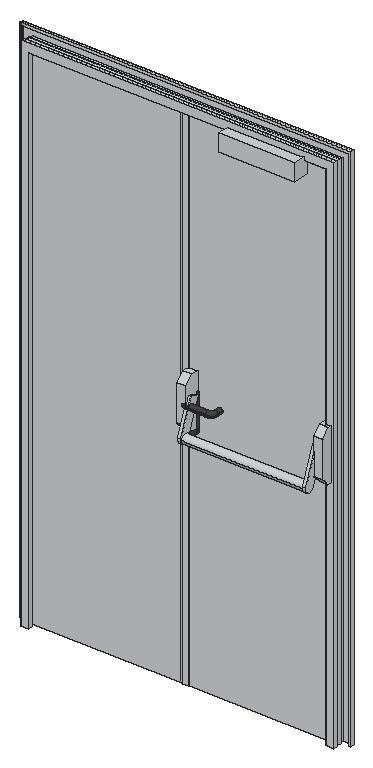
Revit family "Gamme MetalFeu 2V - Applique", category Portes, Revit 2020
Family settings
  Basée sur le plan de construction = Non
  Toujours verticalement = Oui
  Couper avec des vides une fois chargée = Non
  Partagée = Non
  Point de calcul de pièce = Non
Parameters (values of type "MetalFeu 2V - 1300x2150")
  Largeur Réservation = 1300 mm
  Hauteur Réservation = 2150 mm
  FP DC340 Bras - OP [instance] = yes
  Elévation par défaut = 0 mm
  Définir les propriétés thermiques par = Type schématique
  Construction analytique = "<Aucun>"
  Béquille P1F - OP [instance] = yes
  Béquille P1F - CP [instance] = yes
  Barre Antipanique CROSS [instance] = yes
Reference planes
  plane 1 "Centre (avant/arrière)": y = 0
  plane 2: z = 0
  plane 3 "Centre (gauche/droite)": x = 0
  plane 4: x = -650
  plane 5: x = 650
  plane 6 "Hauteur Réservation": z = 2150
  plane 7 "Hauteur Vantail": z = 2120
  plane 8 "Niveau Bas du Vantail": z = 10
  plane 9 "Hauteur Aile de recouvrement": z = 2120
  plane 10 "Hauteur béquille": z = 1069
  plane 11 "Niveau Bas Paumelle du bas": z = 42
  plane 12 "Niveau Bas Paumelle du milieu": z = 991
  plane 13 "Niveau Bas paumelle du Haut": z = 1909
  plane 14 "Niveau haut surépaisseur EI120": z = 2066
  plane 15 "Niv haut aile de recouvrement": z = 2086
Forms (mm)
  Sweep 1, solid
    path origin (0, 0, 0) x (1, 0, 0) y (0, 0, 1)
      loop
        line (-650, 0) -> (-650, 2150) -> (650, 2150) -> (650, 0)
    profile origin (-650, 0, 1075) x (-1, 0, 0) y (0, -1, 0)
      loop
        line (14.846, 26.262) -> (23.846, 26.262) -> (23.846, 15.262) -> (-17.154, 15.262) -> (-17.154, 28.262) -> (-14.154, 31.262) -> (-14.154, 53.262) -> (-10.154, 56.262) -> (-10.154, 69.262) -> (-44.154, 69.262) -> (-44.154, 56.262) -> (-34.154, 56.262) -> (-34.154, 57.262) -> (-43.154, 57.262) -> (-43.154, 68.262) -> (-11.154, 68.262) -> (-11.154, 56.833) -> (-15.154, 53.833) -> (-15.154, 31.893) -> (-18.154, 28.893) -> (-18.154, 14.262) -> (24.846, 14.262) -> (24.846, 27.262) -> (14.846, 27.262) -> (14.846, 26.262)
  Extrusion 2, solid
    sketch origin (432.397, -0.165, 0) x (1, 0, 0) y (0, 1, 0)
      loop
        line (-1082.397, 0) -> (-1082.397, -14) -> (-1081.397, -14) -> (-1081.397, -1) -> (-1058.397, -1) -> (-1058.397, -53) -> (-434.429, -53) -> (-418.3, -56.5) -> (-396.416, -56.5) -> (-396.416, -53.803) -> (-418.3, -53.803) -> (-424.116, -52.541) -> (-424.116, -6) -> (-435, -6) -> (-435, -7) -> (-425.116, -7) -> (-425.116, -16) -> (-450.116, -16) -> (-450.116, 0) -> (-1082.397, 0)
    from 10 to 2120
  Extrusion 3, solid
    sketch origin (21.477, -0.09, 0) x (-1, 0, 0) y (0, -1, 0)
      loop
        line (-628.523, 0) -> (25.726, 0) -> (25.726, 14) -> (24.726, 14) -> (24.726, 1) -> (2.726, 1) -> (2.726, 53) -> (-605.523, 53) -> (-605.523, 1) -> (-627.523, 1) -> (-627.523, 14) -> (-628.523, 14) -> (-628.523, 0)
    from 10 to 2120
  Extrusion 4, solid
    sketch origin (0, 0, 2086) x (1, 0, 0) y (0, 1, 0)
      loop
        line (-15, -1.506) -> (-15, 0) -> (0, 0) -> (0, 3.494) -> (-40, 3.494) -> (-40, -1.506) -> (-15, -1.506)
    from 0 to 22.26
Cuts and joins
  joined: Extrusion 3, Extrusion 4
Dimensions and locks
  equal spacing: plane 4, plane 3 "Centre (gauche/droite)", plane 5
  "Largeur Réservation": plane 4 to plane 5
  "Hauteur Réservation": plane 6 "Hauteur Réservation" to level
  locked: plane 8 "Niveau Bas du Vantail" to level at 10
  plane 6 "Hauteur Réservation" to plane 7 "Hauteur Vantail" = 30 mm
  locked: plane 6 "Hauteur Réservation" to plane 9 "Hauteur Aile de recouvrement" at 30
  locked: plane 10 "Hauteur béquille" to level at 1069
  locked: plane 11 "Niveau Bas Paumelle du bas" to level at 42
  locked: plane 12 "Niveau Bas Paumelle du milieu" to level at 991
  locked: plane 13 "Niveau Bas paumelle du Haut" to level at 1909
  locked: nested 1 to plane 10 "Hauteur béquille" at 104
  locked: nested 2 to plane 6 "Hauteur Réservation" at 33.222
  locked: plane 14 "Niveau haut surépaisseur EI120" to plane 6 "Hauteur Réservation" at 84
  locked: plane 15 "Niv haut aile de recouvrement" to plane 6 "Hauteur Réservation" at 64
  locked: cut or joined group of Extrusion 3, Extrusion 4 to cut or joined group of Extrusion 3, Extrusion 4 at 53
  cut or joined group of Extrusion 3, Extrusion 4 to cut or joined group of Extrusion 3, Extrusion 4 to cut or joined group of Extrusion 3, Extrusion 4 = 22 mm locked, 1 mm locked
  cut or joined group of Extrusion 3, Extrusion 4 to cut or joined group of Extrusion 3, Extrusion 4 to cut or joined group of Extrusion 3, Extrusion 4 = 1 mm locked, 22 mm locked
  Extrusion 2 sketch curve to Extrusion 2 sketch curve to Extrusion 2 sketch curve = 1 mm locked, 23 mm locked
  Extrusion 2 sketch curve to Extrusion 2 sketch curve to Extrusion 2 sketch curve = 25 mm locked, 1 mm locked
  locked: Extrusion 2 sketch curve to Extrusion 2 sketch curve at 27.7
  locked: Extrusion 2 to plane 3 "Centre (gauche/droite)" at 17.719
  locked: plane 3 "Centre (gauche/droite)" to cut or joined group of Extrusion 3, Extrusion 4 at 18.751
  locked: nested 2 to plane 5 at 135
  locked: Sweep 1 sketch curve to profile plane at 24.846
  locked: Sweep 1 sketch curve to profile plane at 14.262
  locked: cut or joined group of Extrusion 3, Extrusion 4 to Sweep 1 at 24.846
  locked: Sweep 1 to Extrusion 2 at 24.846
  locked: plane 3 "Centre (gauche/droite)" to nested 1 at 34.398
  aligned and locked: level to plane 2
  aligned and locked: plane 4 to Sweep 1 sketch curve
  aligned and locked: Sweep 1 sketch curve to plane 6 "Hauteur Réservation"
  aligned and locked: Sweep 1 sketch curve to plane 5
  aligned and locked: level to Sweep 1 sketch curve  (x2)
  aligned and locked: Extrusion 2 to plane 8 "Niveau Bas du Vantail"
  aligned and locked: plane 7 "Hauteur Vantail" to Extrusion 2
  aligned and locked: plane 7 "Hauteur Vantail" to cut or joined group of Extrusion 3, Extrusion 4
  aligned and locked: Extrusion 2 to plane 4
Automatic sketch dimensions
  plane 1 "Centre (avant/arrière)" to Extrusion 4 sketch curve = 0 mm
  Extrusion 4 sketch curve to plane 3 "Centre (gauche/droite)" = 0 mm
  Extrusion 4 sketch curve to plane 1 "Centre (avant/arrière)" = 3.494 mm
  Extrusion 4 sketch curve to Extrusion 4 sketch curve = 40 mm
  plane 1 "Centre (avant/arrière)" to Extrusion 4 sketch curve = 1.506 mm
  Extrusion 4 sketch curve to Extrusion 4 sketch curve = 15 mm
  plane 1 "Centre (avant/arrière)" to Extrusion 2 sketch curve = 0.165 mm
  plane 4 to Extrusion 2 sketch curve = 0 mm
  Extrusion 2 sketch curve to Extrusion 2 sketch curve = 608.281 mm
  plane 1 "Centre (avant/arrière)" to Extrusion 2 sketch curve = 7.165 mm
  Extrusion 2 sketch curve to Extrusion 2 sketch curve = 15.687 mm
  Extrusion 2 sketch curve to Extrusion 2 sketch curve = 9.884 mm
  Extrusion 2 sketch curve to Extrusion 2 sketch curve = 5.816 mm
  plane 1 "Centre (avant/arrière)" to Extrusion 2 sketch curve = 53.968 mm
  Extrusion 2 sketch curve to Extrusion 2 sketch curve = 0 mm
  Extrusion 2 sketch curve to Extrusion 2 sketch curve = 2.697 mm
  Extrusion 2 sketch curve to Extrusion 2 sketch curve = 0.803 mm
  Extrusion 2 sketch curve to Extrusion 2 sketch curve = 1.262 mm
  Extrusion 2 sketch curve to Extrusion 2 sketch curve = 9 mm
  Extrusion 2 sketch curve to Extrusion 2 sketch curve = 1 mm
  plane 1 "Centre (avant/arrière)" to Extrusion 2 sketch curve = 1.165 mm
  Extrusion 2 sketch curve to Extrusion 2 sketch curve = 13 mm
  Extrusion 3 sketch curve to plane 1 "Centre (avant/arrière)" = 0.09 mm
  plane 5 to Extrusion 3 sketch curve = 0 mm
  Extrusion 3 sketch curve to Extrusion 3 sketch curve = 1 mm  (x2)
  Extrusion 3 sketch curve to plane 1 "Centre (avant/arrière)" = 1.09 mm  (x2)
  Extrusion 3 sketch curve to Extrusion 3 sketch curve = 22 mm  (x2)
  Extrusion 3 sketch curve to plane 3 "Centre (gauche/droite)" = 18.751 mm
  Extrusion 3 sketch curve to Extrusion 3 sketch curve = 13 mm
  Extrusion 3 sketch curve to plane 1 "Centre (avant/arrière)" = 14.09 mm
  Extrusion 3 sketch curve to Extrusion 3 sketch curve = 39 mm
  Sweep 1 sketch curve to Sweep 1 sketch curve = 1 mm  (x9)
  Sweep 1 sketch curve to Sweep 1 sketch curve = 9 mm  (x2)
  profile plane to Sweep 1 sketch curve = 10.154 mm
  Sweep 1 sketch curve to Sweep 1 sketch curve = 3 mm  (x4)
  Sweep 1 sketch curve to Sweep 1 sketch curve = 19 mm
  Sweep 1 sketch curve to Sweep 1 sketch curve = 11 mm  (x2)
  Sweep 1 sketch curve to Sweep 1 sketch curve = 13 mm
  Sweep 1 sketch curve to Sweep 1 sketch curve = 0.631 mm  (x2)
  Sweep 1 sketch curve to Sweep 1 sketch curve = 21.369 mm
  Sweep 1 sketch curve to Sweep 1 sketch curve = 0.571 mm  (x2)
  Sweep 1 sketch curve to Sweep 1 sketch curve = 2.429 mm
Nested families
  nested 1: "Barre antipanique CROSS-bis" at (52.398, -53, 965), visible <- "Barre Antipanique CROSS", type "Barre antipanique CROSS-bis"
    with Longueur Tube/Barre 500 mm, Longeur tube 500 mm, Lg entre manoeuvre 400 mm, Lg Tube 400 mm
  nested 2: "Ferme-porte DC340 - Montage Opposé Paumelles" at (515, -53, 2047.778), visible <- "FP DC340 Bras - OP", type "Ferme-porte DC340 - Montage Opposé Paumelles"
  nested 3: "Poignée fixe Inox" at (50, -0.106, 1023) x (-1, 0, 0) z (0, 0, 1), visible <- "Béquille P1F - CP", type "Poignée fixe Inox"
  nested 4: "Béquille Nylon Premium" at (52.398, -53, 1023) x (-1, 0, 0) z (0, 0, 1), visible <- "Béquille P1F - OP", type "Béquille Nylon Premium"
    with Nylon noir Materiel Béquille Standard
Definition of nested family "Barre antipanique CROSS-bis"
  Parameters (values of type "Barre antipanique CROSS-bis")
    Longueur barre = Largeur entre manoeuvre - 20 mm  # 680 mm
    Longueur Tube/Barre [instance] = 800 mm
    Longeur tube [instance] = 680 mm
    Lg entre manoeuvre [instance] = 680 mm
    Lg Tube [instance] = Lg entre manoeuvre  # 680 mm
    Largeur entre manoeuvre = 700 mm
    Default Elevation = 0 mm
  Reference planes
    plane 1 "Centre (avant/arrière)": y = 0
    plane 2: z = 0
    plane 3 "Centre (gauche/droite)": x = 0
    plane 4 "Plan manoeuvre BAP": x = -18
    plane 5 "Plan Bras Manoeuvre": x = 18
    plane 6 "Plan Barre BAP": x = 28
  Forms (mm)
    Extrusion 1, solid
      sketch origin (-18, 0, 0) x (0, 1, 0) y (0, 0, 1)
        loop
          line (0, 0) -> (30, 0) -> (60, 30) -> (60, 178) -> (30, 208) -> (0, 208) -> (0, 0)
      from 0 to 36
    Extrusion 2, solid
      sketch origin (-18, 0, 0) x (0, 1, 0) y (0, 0, 1)
        loop
          line (0, 0) -> (30, 0) -> (60, 30) -> (60, 178) -> (30, 208) -> (0, 208) -> (0, 0)
      from 736 to 772.294
    Extrusion 3, solid
      sketch origin (18, 0, 0) x (0, -1, 0) y (0, 0, 1)
        loop
          arc (-99.794, 6.84) -> (-87.84, -18.794) -> (-62.206, -6.84) r 20
          line (-62.206, -6.84) -> (-12.613, 129.415) -> (-50.201, 143.096) -> (-99.794, 6.84)
      from 0 to -10
    Extrusion 4, solid
      sketch origin (708, 0, 0) x (0, 1, 0) y (0, 0, 1)
        loop
          line (12.613, 129.415) -> (62.206, -6.84)
          arc (62.206, -6.84) -> (87.84, -18.794) -> (99.794, 6.84) r 20
          line (99.794, 6.84) -> (50.201, 143.096) -> (12.613, 129.415)
      from 0 to 10
    Sweep 5, solid
      path origin (0, 0, 0) x (1, 0, 0) y (0, 1, 0)
        loop
          line (28, 81) -> (708, 81)
      profile origin (368, 81, 0) x (0, 1, 0) y (0, 0, 1)
        loop
          circle (0, 0) r 17.5
  Dimensions and locks
    locked: Extrusion 1 sketch curve to Extrusion 1 sketch curve at 60
    locked: Extrusion 1 sketch curve to Extrusion 1 sketch curve at 208
    plane 1 "Centre (avant/arrière)" to Extrusion 1 sketch curve = 0 mm
    locked: Extrusion 1 sketch curve to Extrusion 1 sketch curve at 30  (x2)
    locked: plane 4 "Plan manoeuvre BAP" to plane 3 "Centre (gauche/droite)" at 18
    locked: Extrusion 2 sketch curve to Extrusion 1 at 30
    locked: Extrusion 1 to Extrusion 2 sketch curve at 30
    Extrusion 1 to Extrusion 2 sketch curve = 30 mm
    locked: Extrusion 2 to Extrusion 2 at 36.294
    locked: plane 4 "Plan manoeuvre BAP" to plane 5 "Plan Bras Manoeuvre" at 36
    plane 1 "Centre (avant/arrière)" to Extrusion 3 sketch curve = 81 mm
    Extrusion 3 sketch curve to Extrusion 2 = 0 mm
    locked: Extrusion 3 sketch curve to Extrusion 3 sketch curve at 165
    locked: Extrusion 3 sketch curve to Extrusion 3 sketch curve at 40
    plane 1 "Centre (avant/arrière)" to Extrusion 4 sketch curve = 81 mm
    level to Extrusion 4 sketch curve = 0 mm
    locked: plane 5 "Plan Bras Manoeuvre" to plane 6 "Plan Barre BAP" at 10
    "Longeur tube": Sweep 5 sketch curve to Sweep 5 sketch curve
    plane 1 "Centre (avant/arrière)" to Sweep 5 sketch curve = 81 mm
    locked: Sweep 5 sketch curve to level
    locked: plane 1 "Centre (avant/arrière)" to Sweep 5 sketch curve at 81
    locked: Extrusion 1 to Extrusion 3
    locked: Extrusion 4 to Extrusion 2 at 10
    locked: Extrusion 1 to Extrusion 3 at 10
    locked: Sweep 5 to Extrusion 3
    Sweep 5 sketch curve to plane 6 "Plan Barre BAP" = 0 mm
    locked: Extrusion 1 to Extrusion 1 at 36
    locked: Extrusion 1 to plane 4 "Plan manoeuvre BAP"
    locked: plane 6 "Plan Barre BAP" to Sweep 5
    "Longeur tube": Extrusion 3 to Extrusion 4
    locked: Extrusion 4 to Extrusion 2
    locked: Extrusion 4 to Sweep 5
    aligned and locked: level to plane 2
  Automatic sketch dimensions
    Extrusion 1 sketch curve to level = 0 mm
    level to Extrusion 1 sketch curve = 30 mm
    Extrusion 1 sketch curve to Extrusion 1 sketch curve = 30 mm
    Extrusion 2 sketch curve to level = 0 mm
    Extrusion 2 sketch curve to plane 1 "Centre (avant/arrière)" = 0 mm
    Extrusion 2 sketch curve to Extrusion 2 sketch curve = 30 mm  (x3)
    Extrusion 3 sketch curve to plane 1 "Centre (avant/arrière)" = 12.613 mm
    level to Extrusion 3 sketch curve = 6.84 mm
    Extrusion 3 sketch curve to level = 6.84 mm
    Extrusion 4 sketch curve to plane 1 "Centre (avant/arrière)" = 12.613 mm
    Extrusion 4 sketch curve to Extrusion 4 sketch curve = 13.681 mm
    Extrusion 4 sketch curve to level = 6.84 mm
    level to Extrusion 4 sketch curve = 6.84 mm
    radius of Extrusion 4 sketch curve = 20 mm
    radius of Sweep 5 sketch curve = 17.5 mm
Definition of nested family "Ferme-porte DC340 - Montage Opposé Paumelles"
  Parameters
    Default Elevation = 0 mm
  Reference planes
    plane 1 "Centre (avant/arrière)": y = 0
    plane 2: z = 0
    plane 3 "Centre (gauche/droite)": x = 0
    plane 4 "Niveau Haut du corps": z = 69
    plane 5 "Niveau bas du rail": z = 82
  Forms (mm)
    Extrusion 1, solid
      sketch origin (0, 0, 0) x (1, 0, 0) y (0, 1, 0)
        loop
          line (0, -63) -> (0, 0) -> (-308, 0) -> (-308, -63) -> (0, -63)
      from 0 to 69
  Dimensions and locks
    locked: Extrusion 1 sketch curve to Extrusion 1 sketch curve at 308
    locked: Extrusion 1 sketch curve to Extrusion 1 sketch curve at 63
    locked: plane 4 "Niveau Haut du corps" to plane 2 at 69
    locked: plane 5 "Niveau bas du rail" to level at 82
    locked: Extrusion 1 sketch curve to plane 1 "Centre (avant/arrière)"
    aligned and locked: level to plane 2
    aligned and locked: Extrusion 1 sketch curve to plane 3 "Centre (gauche/droite)"
Definition of nested family "Poignée fixe Inox"
  Parameters
    Default Elevation = 0 mm
  Reference planes
    plane 1 "Centre (avant/arrière)": y = 0
    plane 2: z = 0
    plane 3 "Centre (gauche/droite)": x = 0
  Forms (mm)
    Extrusion 1, solid
      sketch origin (0, 0, 0) x (1, 0, 0) y (0, 0, 1)
        loop
          line (-22.5, 86.5) -> (-22.5, -86.5)
          arc (-22.5, -86.5) -> (0, -109) -> (22.5, -86.5) r 22.5
          line (22.5, -86.5) -> (22.5, 86.5)
          arc (22.5, 86.5) -> (0, 109) -> (-22.5, 86.5) r 22.5
      from 0 to 9
    Extrusion 2, solid
      sketch origin (0, 0, 0) x (1, 0, 0) y (0, 0, 1)
        loop
          circle (0, 34) r 10
      from 9 to 38
    Extrusion 3, solid
      sketch origin (0, 0, 0) x (1, 0, 0) y (0, 0, 1)
        loop
          circle (0, 34) r 25
      from 38 to 55
    Extrusion 4, void
      sketch origin (0, 0, 0) x (1, 0, 0) y (0, 0, 1)
        loop
          arc (-5, -57) -> (0, -62) -> (5, -57) r 5
          line (5, -57) -> (5, -45.483)
          arc (5, -45.483) -> (0, -29) -> (-5, -45.483) r 9
          line (-5, -45.483) -> (-5, -57)
      from 0 to 17
  Cuts and joins
    Extrusion 4 cuts Extrusion 1
  Dimensions and locks
    locked: Extrusion 1 sketch curve to Extrusion 1 sketch curve at 173  (x2)
    Extrusion 1 sketch curve to plane 3 "Centre (gauche/droite)" = 22.5 mm  (x2)
    Extrusion 1 sketch curve to level = 86.5 mm  (x2)
    Extrusion 2 sketch curve to level = 34 mm
    Extrusion 3 sketch curve to level = 34 mm
    plane 3 "Centre (gauche/droite)" to Extrusion 3 sketch curve = 0 mm
    aligned and locked: level to plane 2
    aligned and locked: Extrusion 3 to Extrusion 2
    aligned and locked: Extrusion 2 to Extrusion 1
Definition of nested family "Béquille Nylon Premium"
  Parameters (values of type "Béquille Nylon Premium")
    Nylon noir [instance] = none
    Default Elevation = 0 mm
  Reference planes
    plane 1 "Centre (avant/arrière)": y = 0
    plane 2: z = 0
    plane 3 "Centre (gauche/droite)": x = 0
  Forms (mm)
    Extrusion 1, solid, material <- "Nylon noir"
      sketch origin (0, 0, 0) x (1, 0, 0) y (0, 0, 1)
        loop
          line (-23, 66) -> (-23, -66)
          arc (-23, -66) -> (0, -89) -> (23, -66) r 23
          line (23, -66) -> (23, 66)
          arc (23, 66) -> (0, 89) -> (-23, 66) r 23
      from 0 to 9
    Extrusion 2, void
      sketch origin (0, 0, 0) x (1, 0, 0) y (0, 0, 1)
        loop
          line (5.5, -46) -> (5.5, -33.124)
          arc (5.5, -33.124) -> (0, -17) -> (-5.5, -33.124) r 9
          line (-5.5, -33.124) -> (-5.5, -46)
          arc (-5.5, -46) -> (0, -51.5) -> (5.5, -46) r 5.5
      from -4.814 to 18.923
    Sweep 3, solid, material <- "Nylon noir"
      path origin (0, 0, 0) x (1, 0, 0) y (0, 1, 0)
        loop
          line (0, -9) -> (0, -38)
          arc (0, -38) -> (-4.686, -49.314) -> (-16, -54) r 16
          line (-16, -54) -> (-104, -54)
          arc (-104, -54) -> (-115.314, -49.314) -> (-120, -38) r 16
          line (-120, -38) -> (-120, -15.013)
      profile origin (0, -23.5, 0) x (1, 0, 0) y (0, 0, 1)
        loop
          circle (0, 46) r 11
  Cuts and joins
    Extrusion 2 cuts Extrusion 1
  Dimensions and locks
    locked: plane 3 "Centre (gauche/droite)" to Extrusion 1 sketch curve at 23
    Extrusion 1 sketch curve to plane 3 "Centre (gauche/droite)" = 23 mm
    locked: Sweep 3 sketch curve to cut or joined group of Extrusion 1, Extrusion 2 at 45
    locked: Sweep 3 sketch curve to Sweep 3 sketch curve at 120
    Sweep 3 sketch curve to Sweep 3 sketch curve = 16 mm  (x4)
    locked: Sweep 3 sketch curve to cut or joined group of Extrusion 1, Extrusion 2
    Sweep 3 sketch curve to Sweep 3 sketch curve = 38.987 mm
    locked: level to Sweep 3 at 46
    locked: cut or joined group of Extrusion 1, Extrusion 2 to level at 46
    aligned and locked: level to plane 2
